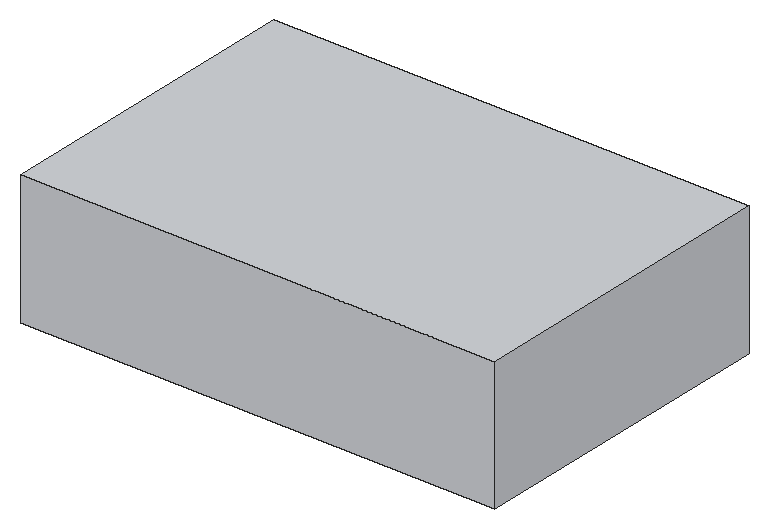
Revit family "FamilyForTest", category Casework, Revit 2023
Family settings
  OmniClass Number = 23.40.35.00
  Work Plane-Based = No
  Always vertical = Yes
  Cut with Voids When Loaded = No
  Shared = No
  Room Calculation Point = No
Parameters
  Type = "Generic"
  Product Type / Function = "Casework"
  Product Mark = "BOJ01"
  Model / Series = "B1001"
  Material = Glass
  Length = 0 mm
  Depth = 600 mm
  Height = 900 mm
  Width = 900 mm
  Default Elevation = 0 mm
  Color = Laminate, Black
  Brand / Production Name = "BIMobject"
Reference planes
  plane 1 "Back": y = 0
  plane 2: z = 0
  plane 3 "Center (Left/Right)": x = 44.7
  plane 4 "Front": y = -600
  plane 5 "Left": x = -405.3
  plane 6 "Right": x = 494.7
  plane 7 "Top": z = 900
Forms (mm)
  Extrusion 1, solid
    sketch origin (0, 0, 0) x (1, 0, 0) y (0, 1, 0)
      loop
        line (-405.3, 0) -> (-405.3, -600) -> (494.7, -600) -> (494.7, 0) -> (-405.3, 0)
    from 0 to 250
Dimensions and locks
  "Width": plane 6 "Right" to plane 5 "Left"
  equal spacing: plane 6 "Right", plane 3 "Center (Left/Right)", plane 5 "Left"
  "Depth": plane 4 "Front" to plane 1 "Back"
  "Height": level to plane 7 "Top"
  aligned and locked: level to plane 2
Automatic sketch dimensions
  plane 4 "Front" to Extrusion 1 sketch curve = 0 mm
  Extrusion 1 sketch curve to plane 5 "Left" = 0 mm
  Extrusion 1 sketch curve to plane 6 "Right" = 0 mm
  plane 1 "Back" to Extrusion 1 sketch curve = 0 mm
